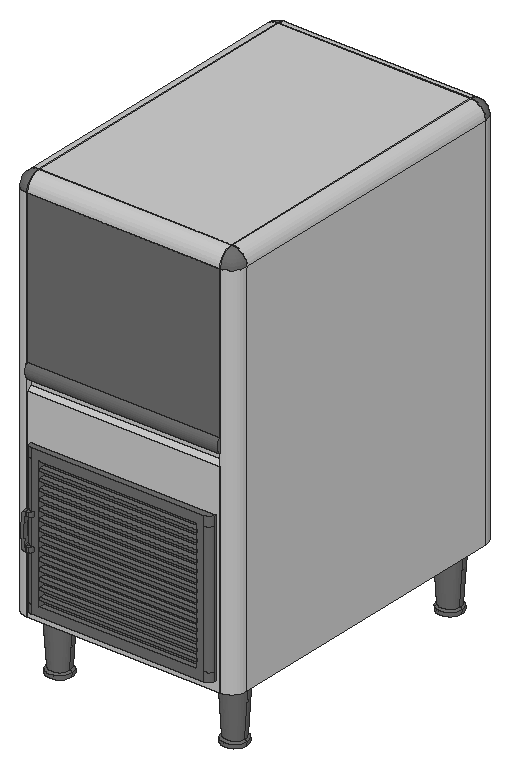
Revit family "QF_BLIZZARD_BIM25_250923021019", category Specialty Equipment, Revit 2021
Family settings
  Round Connector Dimension = Use Diameter
  Part Type = Normal
  OmniClass Number = 23.40.40.14
  OmniClass Title = Food Service Equipment
  Work Plane-Based = No
  Always vertical = Yes
  Cut with Voids When Loaded = No
  Shared = No
  Room Calculation Point = No
Parameters (values of type "BIM25")
  Weight [instance] = 43.00 kg
  Warranty Start Date [instance] = ""
  Warranty Duration [instance] = ""
  Volts [instance] = 230 V
  Volt Free Conn [instance] = no
  URL Recommended Spares List [instance] = ""
  URL Manufacturer [instance] = ""
  URL Cutsheet [instance] = ""
  URL Critical Spares List [instance] = ""
  URL = "www.blizzardequipment.com"
  Technical Documentation [instance] = ""
  Tag Number [instance] = ""
  Status [instance] = ""
  Start Up Current [instance] = 0 A
  Specification by User [instance] = ""
  Specification by Manufacturer [instance] = ""
  Sound Level [instance] = ""
  Show Logo [instance] = yes
  Show Clearances [instance] = yes
  Service Life Duration [instance] = ""
  Serial Number [instance] = ""
  Seismic Rating [instance] = ""
  SMACNA No [instance] = ""
  Revision Code [instance] = ""
  Revision [instance] = ""
  Production Year [instance] = ""
  Potential Equalisation [instance] = no
  Point Load [instance] = 0
  Phase [instance] = 1
  Other Equipment Approvals [instance] = ""
  Operational Current [instance] = 0 A
  Number of Poles [instance] = 2
  No Load Power Draw [instance] = no
  NAFEM Spec ID Number [instance] = ""
  Model Warning [instance] = ""
  Model = "BIM25"
  Min Ckt Ampacity [instance] = 0 A
  Max Overcurrent Protection [instance] = 13 A
  Masterspec [instance] = ""
  Manufacturer = "BLIZZARD"
  Main switch integrated [instance] = no
  Length Actual [instance] = 375 mm
  Item Number [instance] = ""
  Installed By [instance] = ""
  Installation Date [instance] = ""
  Identify Quantity as Lot [instance] = no
  ID [instance] = ""
  Hygiene Approval [instance] = ""
  Height Actual [instance] = 765 mm
  HP power [instance] = ""
  Furnished By [instance] = ""
  Foodservice Equipment Identifier [instance] = no
  FL Amps [instance] = 1.34 A
  Electrical Remarks [instance] = ""
  Electric power [instance] = 310 W
  Electric Connection Type [instance] = ""
  Elec Conn RI Height [instance] = 0 mm
  Elec Conn Connection Height [instance] = 0 mm
  ETL Approved [instance] = no
  Description = "25KG INTEGRAL ICE MAKER"
  Depth Actual [instance] = 553 mm
  Default Elevation = 0 mm
  Cycle [instance] = 50 Hz
  Cost = 716
  Connection to energy optimisation system [instance] = yes
  Conn Plug [instance] = ""
  Conn Conduit [instance] = no
  Centralized building control system with digital interface [instance] = ""
  CSI MasterFormat [instance] = ""
  CE Approved [instance] = no
  Barcode [instance] = 0
  Author [instance] = ""
  Asset Identifier [instance] = ""
  Apparent Power [instance] = 310 VA
  Accessory [instance] = no
Reference planes
  plane 1 "Center (Front/Back)": y = 0
  plane 2: z = 0
  plane 3 "Center (Left/Right)": x = 0
Forms (mm)
  Extrusion 1, solid, not visible
    sketch origin (200.01, -22.001, 200.01) x (1, 0, 0) y (0, 1, 0)
      loop
        line (-2, 2) -> (-2, -2) -> (2, -2) -> (2, 2) -> (-2, 2)
    from -2 to 2
Dimensions and locks
  locked: Extrusion 1 to nested 2
  locked: nested 2 to Extrusion 1 at 2
  aligned and locked: level to plane 2
Nested families
  nested 1: "QF_BLIZZARD_BIM25_2920" at (0, 0, 0), type "BIM25"
    with Weight 43.00 kg, Warranty Start Date "", Warranty Duration "", URL Cutsheet "", Technical Documentation "", Tag Number "", Status "", Specification by User "", Specification by Manufacturer "", Sound Level "", Solid Fuel Type "", Show Logo yes, Show Clearances yes, Service Life Duration "", Serial Number "", Seismic Rating "", SMACNA No "", Revision Code "", Revision "", Production Year "", Point Load 0, Other Equipment Approvals "", NAFEM Spec ID Number "", Model Warning "", Masterspec "", Length Actual 375 mm, Item Number "", Installed By "", Installation Date "", Identify Quantity as Lot yes, ID "", Hygiene Approval "", Height Actual 765 mm, Furnished By "", Foodservice Equipment Identifier yes, ETL Approved yes, Depth Actual 553 mm, CSI MasterFormat "", CE Approved yes, Barcode "", Asset Identifier "", Accessory no
  nested 2: "CONN_POINT_ELE_2D___Generic_Annotation" at (200.01, -20.001, 200.01), type "CONN_POINT_ELE_2D___Generic_Annotation"
    with Onboard connection annotation symbol visibility yes
Connectors
  electrical at (200.01, -20.001, 200.01), driven by "Apparent Power", driven by "Number of Poles", driven by "Volts"
    settings: on Extrusion 1, index 1, voltage 230 V, apparent load 0 VA, apparent load phase1 310 VA, apparent load phase2 0 VA, apparent load phase3 0 VA, power factor 1, load classification "Other", number of poles 2, system type 31, power factor state 1, is connector primary yes, connector utility no, sub classification motor no, connector description "Electrical connection for BIM25"
Definition of nested family "QF_BLIZZARD_BIM25_2920"
  Parameters (values of type "BIM25")
    Weight [instance] = 0.00 kg
    Warranty Start Date [instance] = ""
    Warranty Duration [instance] = ""
    URL Cutsheet [instance] = ""
    URL = "www.blizzardequipment.com"
    Technical Documentation [instance] = ""
    Tag Number [instance] = ""
    Status [instance] = ""
    Specification by User [instance] = ""
    Specification by Manufacturer [instance] = ""
    Sound Level [instance] = ""
    Solid Fuel Type [instance] = ""
    Show Logo [instance] = yes
    Show Clearances [instance] = yes
    Service Life Duration [instance] = ""
    Serial Number [instance] = ""
    Seismic Rating [instance] = ""
    SMACNA No [instance] = ""
    Revision Code [instance] = ""
    Revision [instance] = ""
    Production Year [instance] = ""
    Point Load [instance] = 0
    Other Equipment Approvals [instance] = ""
    NAFEM Spec ID Number [instance] = ""
    Model Warning [instance] = ""
    Model = "BIM25"
    Masterspec [instance] = ""
    Manufacturer = "BLIZZARD"
    Length Actual [instance] = 0 mm
    Item Number [instance] = ""
    Installed By [instance] = ""
    Installation Date [instance] = ""
    Identify Quantity as Lot [instance] = yes
    ID [instance] = ""
    Hygiene Approval [instance] = ""
    Height Actual [instance] = 0 mm
    Furnished By [instance] = ""
    Foodservice Equipment Identifier [instance] = yes
    ETL Approved [instance] = yes
    Description = "25KG INTEGRAL ICE MAKER"
    Depth Actual [instance] = 0 mm
    Default Elevation = 0 mm
    CSI MasterFormat [instance] = ""
    CE Approved [instance] = yes
    Barcode [instance] = ""
    Author = "SPECIFI"
    Asset Identifier [instance] = ""
    Assembly Code = "E1090320"
    Accessory [instance] = yes
  Reference planes
    plane 1 "Back": y = 0
    plane 2: z = 0
    plane 3 "Left": x = 0
    plane 4 "Right": x = 375
    plane 5 "Front": y = -553
    plane 6 "Top": z = 765
  Forms (mm)
    Extrusion 1, solid
      sketch origin (1.5, -908.243, 127.028) x (0, -1, 0) y (0, 0, 1)
        loop
          arc (-825.243, 106.972) -> (-823.243, 108.972) -> (-825.243, 110.972) r 2
          line (-825.243, 110.972) -> (-851.243, 110.972)
          arc (-851.243, 110.972) -> (-853.243, 108.972) -> (-851.243, 106.972) r 2
          line (-851.243, 106.972) -> (-825.243, 106.972)
        loop
          arc (-825.243, 98.972) -> (-823.243, 100.972) -> (-825.243, 102.972) r 2
          line (-825.243, 102.972) -> (-851.243, 102.972)
          arc (-851.243, 102.972) -> (-853.243, 100.972) -> (-851.243, 98.972) r 2
          line (-851.243, 98.972) -> (-825.243, 98.972)
        loop
          arc (-825.243, 90.972) -> (-823.243, 92.972) -> (-825.243, 94.972) r 2
          line (-825.243, 94.972) -> (-851.243, 94.972)
          arc (-851.243, 94.972) -> (-853.243, 92.972) -> (-851.243, 90.972) r 2
          line (-851.243, 90.972) -> (-825.243, 90.972)
        loop
          arc (-825.243, 82.972) -> (-823.243, 84.972) -> (-825.243, 86.972) r 2
          line (-825.243, 86.972) -> (-851.243, 86.972)
          arc (-851.243, 86.972) -> (-853.243, 84.972) -> (-851.243, 82.972) r 2
          line (-851.243, 82.972) -> (-825.243, 82.972)
        loop
          arc (-825.243, 74.972) -> (-823.243, 76.972) -> (-825.243, 78.972) r 2
          line (-825.243, 78.972) -> (-851.243, 78.972)
          arc (-851.243, 78.972) -> (-853.243, 76.972) -> (-851.243, 74.972) r 2
          line (-851.243, 74.972) -> (-825.243, 74.972)
        loop
          arc (-825.243, 66.972) -> (-823.243, 68.972) -> (-825.243, 70.972) r 2
          line (-825.243, 70.972) -> (-851.243, 70.972)
          arc (-851.243, 70.972) -> (-853.243, 68.972) -> (-851.243, 66.972) r 2
          line (-851.243, 66.972) -> (-825.243, 66.972)
        loop
          arc (-825.243, 58.972) -> (-823.243, 60.972) -> (-825.243, 62.972) r 2
          line (-825.243, 62.972) -> (-851.243, 62.972)
          arc (-851.243, 62.972) -> (-853.243, 60.972) -> (-851.243, 58.972) r 2
          line (-851.243, 58.972) -> (-825.243, 58.972)
        loop
          arc (-825.243, 50.972) -> (-823.243, 52.972) -> (-825.243, 54.972) r 2
          line (-825.243, 54.972) -> (-851.243, 54.972)
          arc (-851.243, 54.972) -> (-853.243, 52.972) -> (-851.243, 50.972) r 2
          line (-851.243, 50.972) -> (-825.243, 50.972)
        loop
          arc (-825.243, 42.972) -> (-823.243, 44.972) -> (-825.243, 46.972) r 2
          line (-825.243, 46.972) -> (-851.243, 46.972)
          arc (-851.243, 46.972) -> (-853.243, 44.972) -> (-851.243, 42.972) r 2
          line (-851.243, 42.972) -> (-825.243, 42.972)
        loop
          arc (-825.243, 34.972) -> (-823.243, 36.972) -> (-825.243, 38.972) r 2
          line (-825.243, 38.972) -> (-851.243, 38.972)
          arc (-851.243, 38.972) -> (-853.243, 36.972) -> (-851.243, 34.972) r 2
          line (-851.243, 34.972) -> (-825.243, 34.972)
        loop
          arc (-825.243, 26.972) -> (-823.243, 28.972) -> (-825.243, 30.972) r 2
          line (-825.243, 30.972) -> (-851.243, 30.972)
          arc (-851.243, 30.972) -> (-853.243, 28.972) -> (-851.243, 26.972) r 2
          line (-851.243, 26.972) -> (-825.243, 26.972)
        loop
          arc (-825.243, 18.972) -> (-823.243, 20.972) -> (-825.243, 22.972) r 2
          line (-825.243, 22.972) -> (-851.243, 22.972)
          arc (-851.243, 22.972) -> (-853.243, 20.972) -> (-851.243, 18.972) r 2
          line (-851.243, 18.972) -> (-825.243, 18.972)
        loop
          arc (-825.243, 10.972) -> (-823.243, 12.972) -> (-825.243, 14.972) r 2
          line (-825.243, 14.972) -> (-851.243, 14.972)
          arc (-851.243, 14.972) -> (-853.243, 12.972) -> (-851.243, 10.972) r 2
          line (-851.243, 10.972) -> (-825.243, 10.972)
        loop
          arc (-825.243, 2.972) -> (-823.243, 4.972) -> (-825.243, 6.972) r 2
          line (-825.243, 6.972) -> (-851.243, 6.972)
          arc (-851.243, 6.972) -> (-853.243, 4.972) -> (-851.243, 2.972) r 2
          line (-851.243, 2.972) -> (-825.243, 2.972)
        loop
          arc (-790.243, 106.972) -> (-788.243, 108.972) -> (-790.243, 110.972) r 2
          line (-790.243, 110.972) -> (-816.243, 110.972)
          arc (-816.243, 110.972) -> (-818.243, 108.972) -> (-816.243, 106.972) r 2
          line (-816.243, 106.972) -> (-790.243, 106.972)
        loop
          arc (-790.243, 98.972) -> (-788.243, 100.972) -> (-790.243, 102.972) r 2
          line (-790.243, 102.972) -> (-816.243, 102.972)
          arc (-816.243, 102.972) -> (-818.243, 100.972) -> (-816.243, 98.972) r 2
          line (-816.243, 98.972) -> (-790.243, 98.972)
        loop
          arc (-790.243, 90.972) -> (-788.243, 92.972) -> (-790.243, 94.972) r 2
          line (-790.243, 94.972) -> (-816.243, 94.972)
          arc (-816.243, 94.972) -> (-818.243, 92.972) -> (-816.243, 90.972) r 2
          line (-816.243, 90.972) -> (-790.243, 90.972)
        loop
          arc (-790.243, 82.972) -> (-788.243, 84.972) -> (-790.243, 86.972) r 2
          line (-790.243, 86.972) -> (-816.243, 86.972)
          arc (-816.243, 86.972) -> (-818.243, 84.972) -> (-816.243, 82.972) r 2
          line (-816.243, 82.972) -> (-790.243, 82.972)
        loop
          arc (-790.243, 74.972) -> (-788.243, 76.972) -> (-790.243, 78.972) r 2
          line (-790.243, 78.972) -> (-816.243, 78.972)
          arc (-816.243, 78.972) -> (-818.243, 76.972) -> (-816.243, 74.972) r 2
          line (-816.243, 74.972) -> (-790.243, 74.972)
        loop
          arc (-790.243, 66.972) -> (-788.243, 68.972) -> (-790.243, 70.972) r 2
          line (-790.243, 70.972) -> (-816.243, 70.972)
          arc (-816.243, 70.972) -> (-818.243, 68.972) -> (-816.243, 66.972) r 2
          line (-816.243, 66.972) -> (-790.243, 66.972)
        loop
          arc (-790.243, 58.972) -> (-788.243, 60.972) -> (-790.243, 62.972) r 2
          line (-790.243, 62.972) -> (-816.243, 62.972)
          arc (-816.243, 62.972) -> (-818.243, 60.972) -> (-816.243, 58.972) r 2
          line (-816.243, 58.972) -> (-790.243, 58.972)
        loop
          arc (-790.243, 50.972) -> (-788.243, 52.972) -> (-790.243, 54.972) r 2
          line (-790.243, 54.972) -> (-816.243, 54.972)
          arc (-816.243, 54.972) -> (-818.243, 52.972) -> (-816.243, 50.972) r 2
          line (-816.243, 50.972) -> (-790.243, 50.972)
        loop
          arc (-790.243, 42.972) -> (-788.243, 44.972) -> (-790.243, 46.972) r 2
          line (-790.243, 46.972) -> (-816.243, 46.972)
          arc (-816.243, 46.972) -> (-818.243, 44.972) -> (-816.243, 42.972) r 2
          line (-816.243, 42.972) -> (-790.243, 42.972)
        loop
          arc (-790.243, 34.972) -> (-788.243, 36.972) -> (-790.243, 38.972) r 2
          line (-790.243, 38.972) -> (-816.243, 38.972)
          arc (-816.243, 38.972) -> (-818.243, 36.972) -> (-816.243, 34.972) r 2
          line (-816.243, 34.972) -> (-790.243, 34.972)
        loop
          arc (-790.243, 26.972) -> (-788.243, 28.972) -> (-790.243, 30.972) r 2
          line (-790.243, 30.972) -> (-816.243, 30.972)
          arc (-816.243, 30.972) -> (-818.243, 28.972) -> (-816.243, 26.972) r 2
          line (-816.243, 26.972) -> (-790.243, 26.972)
        loop
          arc (-790.243, 18.972) -> (-788.243, 20.972) -> (-790.243, 22.972) r 2
          line (-790.243, 22.972) -> (-816.243, 22.972)
          arc (-816.243, 22.972) -> (-818.243, 20.972) -> (-816.243, 18.972) r 2
          line (-816.243, 18.972) -> (-790.243, 18.972)
        loop
          arc (-790.243, 10.972) -> (-788.243, 12.972) -> (-790.243, 14.972) r 2
          line (-790.243, 14.972) -> (-816.243, 14.972)
          arc (-816.243, 14.972) -> (-818.243, 12.972) -> (-816.243, 10.972) r 2
          line (-816.243, 10.972) -> (-790.243, 10.972)
        loop
          arc (-790.243, 2.972) -> (-788.243, 4.972) -> (-790.243, 6.972) r 2
          line (-790.243, 6.972) -> (-816.243, 6.972)
          arc (-816.243, 6.972) -> (-818.243, 4.972) -> (-816.243, 2.972) r 2
          line (-816.243, 2.972) -> (-790.243, 2.972)
        loop
          arc (-755.243, 106.972) -> (-753.243, 108.972) -> (-755.243, 110.972) r 2
          line (-755.243, 110.972) -> (-781.243, 110.972)
          arc (-781.243, 110.972) -> (-783.243, 108.972) -> (-781.243, 106.972) r 2
          line (-781.243, 106.972) -> (-755.243, 106.972)
        loop
          arc (-755.243, 98.972) -> (-753.243, 100.972) -> (-755.243, 102.972) r 2
          line (-755.243, 102.972) -> (-781.243, 102.972)
          arc (-781.243, 102.972) -> (-783.243, 100.972) -> (-781.243, 98.972) r 2
          line (-781.243, 98.972) -> (-755.243, 98.972)
        loop
          arc (-755.243, 90.972) -> (-753.243, 92.972) -> (-755.243, 94.972) r 2
          line (-755.243, 94.972) -> (-781.243, 94.972)
          arc (-781.243, 94.972) -> (-783.243, 92.972) -> (-781.243, 90.972) r 2
          line (-781.243, 90.972) -> (-755.243, 90.972)
        loop
          arc (-755.243, 82.972) -> (-753.243, 84.972) -> (-755.243, 86.972) r 2
          line (-755.243, 86.972) -> (-781.243, 86.972)
          arc (-781.243, 86.972) -> (-783.243, 84.972) -> (-781.243, 82.972) r 2
          line (-781.243, 82.972) -> (-755.243, 82.972)
        loop
          arc (-755.243, 74.972) -> (-753.243, 76.972) -> (-755.243, 78.972) r 2
          line (-755.243, 78.972) -> (-781.243, 78.972)
          arc (-781.243, 78.972) -> (-783.243, 76.972) -> (-781.243, 74.972) r 2
          line (-781.243, 74.972) -> (-755.243, 74.972)
        loop
          arc (-755.243, 66.972) -> (-753.243, 68.972) -> (-755.243, 70.972) r 2
          line (-755.243, 70.972) -> (-781.243, 70.972)
          arc (-781.243, 70.972) -> (-783.243, 68.972) -> (-781.243, 66.972) r 2
          line (-781.243, 66.972) -> (-755.243, 66.972)
        loop
          arc (-755.243, 58.972) -> (-753.243, 60.972) -> (-755.243, 62.972) r 2
          line (-755.243, 62.972) -> (-781.243, 62.972)
          arc (-781.243, 62.972) -> (-783.243, 60.972) -> (-781.243, 58.972) r 2
          line (-781.243, 58.972) -> (-755.243, 58.972)
        loop
          arc (-755.243, 50.972) -> (-753.243, 52.972) -> (-755.243, 54.972) r 2
          line (-755.243, 54.972) -> (-781.243, 54.972)
          arc (-781.243, 54.972) -> (-783.243, 52.972) -> (-781.243, 50.972) r 2
          line (-781.243, 50.972) -> (-755.243, 50.972)
        loop
          arc (-755.243, 42.972) -> (-753.243, 44.972) -> (-755.243, 46.972) r 2
          line (-755.243, 46.972) -> (-781.243, 46.972)
          arc (-781.243, 46.972) -> (-783.243, 44.972) -> (-781.243, 42.972) r 2
          line (-781.243, 42.972) -> (-755.243, 42.972)
        loop
          arc (-755.243, 34.972) -> (-753.243, 36.972) -> (-755.243, 38.972) r 2
          line (-755.243, 38.972) -> (-781.243, 38.972)
          arc (-781.243, 38.972) -> (-783.243, 36.972) -> (-781.243, 34.972) r 2
          line (-781.243, 34.972) -> (-755.243, 34.972)
        loop
          arc (-755.243, 26.972) -> (-753.243, 28.972) -> (-755.243, 30.972) r 2
          line (-755.243, 30.972) -> (-781.243, 30.972)
          arc (-781.243, 30.972) -> (-783.243, 28.972) -> (-781.243, 26.972) r 2
          line (-781.243, 26.972) -> (-755.243, 26.972)
        loop
          arc (-755.243, 18.972) -> (-753.243, 20.972) -> (-755.243, 22.972) r 2
          line (-755.243, 22.972) -> (-781.243, 22.972)
          arc (-781.243, 22.972) -> (-783.243, 20.972) -> (-781.243, 18.972) r 2
          line (-781.243, 18.972) -> (-755.243, 18.972)
        loop
          arc (-755.243, 10.972) -> (-753.243, 12.972) -> (-755.243, 14.972) r 2
          line (-755.243, 14.972) -> (-781.243, 14.972)
          arc (-781.243, 14.972) -> (-783.243, 12.972) -> (-781.243, 10.972) r 2
          line (-781.243, 10.972) -> (-755.243, 10.972)
        loop
          arc (-755.243, 2.972) -> (-753.243, 4.972) -> (-755.243, 6.972) r 2
          line (-755.243, 6.972) -> (-781.243, 6.972)
          arc (-781.243, 6.972) -> (-783.243, 4.972) -> (-781.243, 2.972) r 2
          line (-781.243, 2.972) -> (-755.243, 2.972)
      from 0 to 2
    Extrusion 2, solid
      sketch origin (1113.356, -107.32, -33.408) x (0.981627, 0.190809, 0) y (0, 0, 1)
        loop
          arc (-1151.197, 298.873) -> (-1152.843, 274.1) -> (-1151.197, 249.327) r 187.231
          arc (-1151.197, 249.327) -> (-1149.194, 245.591) -> (-1145.226, 244.1) r 6.024
          line (-1145.226, 244.1) -> (-1145.226, 250.998)
          arc (-1145.226, 250.998) -> (-1146.248, 251.278) -> (-1146.611, 252.274) r 1.156
          arc (-1146.611, 252.274) -> (-1148.006, 274.246) -> (-1146.611, 296.218) r 173.751
          arc (-1146.611, 296.218) -> (-1146.134, 297.014) -> (-1145.226, 297.202) r 1.156
          line (-1145.226, 297.202) -> (-1145.226, 304.1)
          arc (-1145.226, 304.1) -> (-1149.194, 302.609) -> (-1151.197, 298.873) r 6.024
      from 240.648 to 249.648
    Extrusion 3, solid
      sketch origin (17, -99.9, 357.111) x (1, 0, 0) y (0, 1, 0)
        loop
          line (15.5, -453.1) -> (15.5, -455.034)
          arc (15.5, -455.034) -> (18.326, -462.002) -> (25.208, -465.032) r 10.002
          line (25.208, -465.032) -> (315.792, -465.032)
          arc (315.792, -465.032) -> (322.674, -462.002) -> (325.5, -455.034) r 10.002
          line (325.5, -455.034) -> (325.5, -453.1) -> (15.5, -453.1)
      from -6.419 to 8.581
    Extrusion 4, solid
      sketch origin (-155.5, -50.237, -33.408) x (1, 0, 0) y (0, 1, 0)
        loop
          line (190.589, -511.828) -> (192.306, -520.663) -> (196.664, -519.816)
          arc (196.664, -519.816) -> (200.688, -515.7) -> (199.045, -510.184) r 5.675
          line (199.045, -510.184) -> (190.589, -511.828)
      from 297.227 to 304.1
    Extrusion 5, solid
      sketch origin (-155.5, -50.237, -86.536) x (1, 0, 0) y (0, 1, 0)
        loop
          line (190.589, -511.828) -> (192.306, -520.663) -> (196.664, -519.816)
          arc (196.664, -519.816) -> (200.688, -515.7) -> (199.045, -510.184) r 5.675
          line (199.045, -510.184) -> (190.589, -511.828)
      from 297.227 to 304.1
    Extrusion 6, solid
      sketch origin (0, 0, 100) x (1, 0, 0) y (0, 1, 0)
        loop
          arc (25, 0) -> (7.322, -7.322) -> (0, -25) r 25
          line (0, -25) -> (25, -25) -> (25, 0)
      from 0 to 640
    Revolve 7, solid
      sketch origin (-588.633, -50, 0) x (1, 0, 0) y (0, 0, 1)
        loop
          line (605.633, 100) -> (611.633, 9) -> (608.098, 5.464) -> (608.098, 0) -> (628.633, 0) -> (628.633, 100) -> (605.633, 100)
        axis (628.633, 0) -> (628.633, 100)
      angle from 0 to 360
    Revolve 8, solid
      sketch origin (-293.633, -50, 0) x (1, 0, 0) y (0, 0, 1)
        loop
          line (605.633, 100) -> (611.633, 9) -> (608.098, 5.464) -> (608.098, 0) -> (628.633, 0) -> (628.633, 100) -> (605.633, 100)
        axis (628.633, 0) -> (628.633, 100)
      angle from 0 to 360
    Revolve 9, solid
      sketch origin (-588.633, -503, 0) x (1, 0, 0) y (0, 0, 1)
        loop
          line (605.633, 100) -> (611.633, 9) -> (608.098, 5.464) -> (608.098, 0) -> (628.633, 0) -> (628.633, 100) -> (605.633, 100)
        axis (628.633, 0) -> (628.633, 100)
      angle from 0 to 360
    Revolve 10, solid
      sketch origin (-293.633, -503, 0) x (1, 0, 0) y (0, 0, 1)
        loop
          line (605.633, 100) -> (611.633, 9) -> (608.098, 5.464) -> (608.098, 0) -> (628.633, 0) -> (628.633, 100) -> (605.633, 100)
        axis (628.633, 0) -> (628.633, 100)
      angle from 0 to 360
    Extrusion 11, solid
      sketch origin (375, 0, 100) x (-1, 0, 0) y (0, -1, 0)
        loop
          line (25, 0) -> (25, 25) -> (0, 25)
          arc (0, 25) -> (7.322, 7.322) -> (25, 0) r 25
      from 0 to 640
    Extrusion 12, solid
      sketch origin (0, -553, 100) x (1, 0, 0) y (0, 1, 0)
        loop
          line (25, 0) -> (25, 25) -> (0, 25)
          arc (0, 25) -> (7.322, 7.322) -> (25, 0) r 25
      from 0 to 640
    Extrusion 13, solid
      sketch origin (375, -553, 100) x (-1, 0, 0) y (0, -1, 0)
        loop
          arc (25, 0) -> (7.322, -7.322) -> (0, -25) r 25
          line (0, -25) -> (25, -25) -> (25, 0)
      from 0 to 640
    Extrusion 14, solid
      sketch origin (0, 0, 0) x (1, 0, 0) y (0, 1, 0)
        loop
          line (0, -25) -> (0, -528) -> (25, -528) -> (25, -553) -> (350, -553) -> (350, -528) -> (375, -528) -> (375, -25) -> (350, -25) -> (350, 0) -> (25, 0) -> (25, -25) -> (0, -25)
      from 100 to 740
    Extrusion 15, solid
      sketch origin (-290, -553, 765) x (0, 0, -1) y (0, 1, 0)
        loop
          line (25, 0) -> (25, 25) -> (0, 25)
          arc (0, 25) -> (7.322, 7.322) -> (25, 0) r 25
      from 315 to 640
    Extrusion 16, solid
      sketch origin (-290, 0, 765) x (0, 0, -1) y (0, 1, 0)
        loop
          arc (25, 0) -> (7.322, -7.322) -> (0, -25) r 25
          line (0, -25) -> (25, -25) -> (25, 0)
      from 315 to 640
    Extrusion 17, solid
      sketch origin (0, 290, 765) x (0, 0, -1) y (1, 0, 0)
        loop
          line (25, 0) -> (25, 25) -> (0, 25)
          arc (0, 25) -> (7.322, 7.322) -> (25, 0) r 25
      from 315 to 818
    Extrusion 18, solid
      sketch origin (375, 290, 765) x (0, 0, -1) y (1, 0, 0)
        loop
          arc (25, 0) -> (7.322, -7.322) -> (0, -25) r 25
          line (0, -25) -> (25, -25) -> (25, 0)
      from 315 to 818
    Extrusion 19, solid
      sketch origin (0, 0, 740) x (1, 0, 0) y (0, 1, 0)
        loop
          line (25, -25) -> (25, -528) -> (350, -528) -> (350, -25) -> (25, -25)
      from 0 to 25
    Revolve 20, solid
      sketch origin (0, -25, 0) x (1, 0, 0) y (0, 0, 1)
        loop
          line (25, 740) -> (25, 765)
          arc (25, 765) -> (7.322, 757.678) -> (0, 740) r 25
          line (0, 740) -> (25, 740)
        axis (25, 740) -> (25, 765)
      angle from 0 to 360
    Extrusion 21, void
      sketch origin (0, 0, 740) x (1, 0, 0) y (0, 1, 0)
        loop
          line (25, 5) -> (25, -25) -> (-5, -25) -> (-5, -55) -> (55, -55) -> (55, 5) -> (25, 5)
      from 0 to 30
    Extrusion 22, void
      sketch origin (375, 0, 740) x (-1, 0, 0) y (0, -1, 0)
        loop
          line (25, -5) -> (55, -5) -> (55, 55) -> (-5, 55) -> (-5, 25) -> (25, 25) -> (25, -5)
      from 0 to 30
    Extrusion 23, void
      sketch origin (0, -553, 740) x (1, 0, 0) y (0, 1, 0)
        loop
          line (25, -5) -> (55, -5) -> (55, 55) -> (-5, 55) -> (-5, 25) -> (25, 25) -> (25, -5)
      from 0 to 30
    Extrusion 24, void
      sketch origin (375, -553, 740) x (-1, 0, 0) y (0, -1, 0)
        loop
          line (25, 5) -> (25, -25) -> (-5, -25) -> (-5, -55) -> (55, -55) -> (55, 5) -> (25, 5)
      from 0 to 30
    Revolve 25, solid
      sketch origin (375, -25, 0) x (-1, 0, 0) y (0, 0, -1)
        loop
          line (25, -740) -> (0, -740)
          arc (0, -740) -> (7.322, -757.678) -> (25, -765) r 25
          line (25, -765) -> (25, -740)
        axis (25, -740) -> (25, -765)
      angle from 0 to 360
    Revolve 26, solid
      sketch origin (0, -528, 0) x (1, 0, 0) y (0, 0, -1)
        loop
          line (25, -740) -> (0, -740)
          arc (0, -740) -> (7.322, -757.678) -> (25, -765) r 25
          line (25, -765) -> (25, -740)
        axis (25, -740) -> (25, -765)
      angle from 0 to 360
    Revolve 27, solid
      sketch origin (375, -528, 0) x (-1, 0, 0) y (0, 0, 1)
        loop
          line (25, 740) -> (25, 765)
          arc (25, 765) -> (7.322, 757.678) -> (0, 740) r 25
          line (0, 740) -> (25, 740)
        axis (25, 740) -> (25, 765)
      angle from 0 to 360
    Extrusion 28, solid
      sketch origin (17, -99.9, 122.111) x (1, 0, 0) y (0, 1, 0)
        loop
          line (15.5, -453.1) -> (15.5, -455.034)
          arc (15.5, -455.034) -> (18.326, -462.002) -> (25.208, -465.032) r 10.002
          line (25.208, -465.032) -> (315.792, -465.032)
          arc (315.792, -465.032) -> (322.674, -462.002) -> (325.5, -455.034) r 10.002
          line (325.5, -455.034) -> (325.5, -453.1) -> (15.5, -453.1)
      from -6.419 to 8.581
    Extrusion 29, solid
      sketch origin (17, -99.9, 137.111) x (1, 0, 0) y (0, 1, 0)
        loop
          line (15.5, -453.1) -> (15.5, -455.034)
          arc (15.5, -455.034) -> (18.326, -462.002) -> (25.208, -465.032) r 10.002
          line (25.208, -465.032) -> (37.5, -465.032) -> (37.5, -453.1) -> (15.5, -453.1)
        loop
          line (325.5, -453.1) -> (303.5, -453.1) -> (303.5, -465.032) -> (315.792, -465.032)
          arc (315.792, -465.032) -> (322.674, -462.002) -> (325.5, -455.034) r 10.002
          line (325.5, -455.034) -> (325.5, -453.1)
      from -6.419 to 213.581
    Extrusion 30, solid
      sketch origin (17, -99.9, 342.111) x (1, 0, 0) y (0, 1, 0)
        loop
          line (37.5, -453.1) -> (37.5, -465.032) -> (303.5, -465.032) -> (303.5, -453.1) -> (37.5, -453.1)
      from -6.419 to -1.419
    Extrusion 31, solid
      sketch origin (17, -99.9, 327.111) x (1, 0, 0) y (0, 1, 0)
        loop
          line (37.5, -453.1) -> (37.5, -465.032) -> (303.5, -465.032) -> (303.5, -453.1) -> (37.5, -453.1)
      from -6.419 to -1.419
    Extrusion 32, solid
      sketch origin (17, -99.9, 312.111) x (1, 0, 0) y (0, 1, 0)
        loop
          line (37.5, -453.1) -> (37.5, -465.032) -> (303.5, -465.032) -> (303.5, -453.1) -> (37.5, -453.1)
      from -6.419 to -1.419
    Extrusion 33, solid
      sketch origin (17, -99.9, 297.111) x (1, 0, 0) y (0, 1, 0)
        loop
          line (37.5, -453.1) -> (37.5, -465.032) -> (303.5, -465.032) -> (303.5, -453.1) -> (37.5, -453.1)
      from -6.419 to -1.419
    Extrusion 34, solid
      sketch origin (17, -99.9, 282.111) x (1, 0, 0) y (0, 1, 0)
        loop
          line (37.5, -453.1) -> (37.5, -465.032) -> (303.5, -465.032) -> (303.5, -453.1) -> (37.5, -453.1)
      from -6.419 to -1.419
    Extrusion 35, solid
      sketch origin (17, -99.9, 267.111) x (1, 0, 0) y (0, 1, 0)
        loop
          line (37.5, -453.1) -> (37.5, -465.032) -> (303.5, -465.032) -> (303.5, -453.1) -> (37.5, -453.1)
      from -6.419 to -1.419
    Extrusion 36, solid
      sketch origin (17, -99.9, 252.111) x (1, 0, 0) y (0, 1, 0)
        loop
          line (37.5, -453.1) -> (37.5, -465.032) -> (303.5, -465.032) -> (303.5, -453.1) -> (37.5, -453.1)
      from -6.419 to -1.419
    Extrusion 37, solid
      sketch origin (17, -99.9, 237.111) x (1, 0, 0) y (0, 1, 0)
        loop
          line (37.5, -453.1) -> (37.5, -465.032) -> (303.5, -465.032) -> (303.5, -453.1) -> (37.5, -453.1)
      from -6.419 to -1.419
    Extrusion 38, solid
      sketch origin (17, -99.9, 222.111) x (1, 0, 0) y (0, 1, 0)
        loop
          line (37.5, -453.1) -> (37.5, -465.032) -> (303.5, -465.032) -> (303.5, -453.1) -> (37.5, -453.1)
      from -6.419 to -1.419
    Extrusion 39, solid
      sketch origin (17, -99.9, 207.111) x (1, 0, 0) y (0, 1, 0)
        loop
          line (37.5, -453.1) -> (37.5, -465.032) -> (303.5, -465.032) -> (303.5, -453.1) -> (37.5, -453.1)
      from -6.419 to -1.419
    Extrusion 40, solid
      sketch origin (17, -99.9, 192.111) x (1, 0, 0) y (0, 1, 0)
        loop
          line (37.5, -453.1) -> (37.5, -465.032) -> (303.5, -465.032) -> (303.5, -453.1) -> (37.5, -453.1)
      from -6.419 to -1.419
    Extrusion 41, solid
      sketch origin (17, -99.9, 177.111) x (1, 0, 0) y (0, 1, 0)
        loop
          line (37.5, -453.1) -> (37.5, -465.032) -> (303.5, -465.032) -> (303.5, -453.1) -> (37.5, -453.1)
      from -6.419 to -1.419
    Extrusion 42, solid
      sketch origin (17, -99.9, 162.111) x (1, 0, 0) y (0, 1, 0)
        loop
          line (37.5, -453.1) -> (37.5, -465.032) -> (303.5, -465.032) -> (303.5, -453.1) -> (37.5, -453.1)
      from -6.419 to -1.419
    Extrusion 43, solid
      sketch origin (17, -99.9, 147.111) x (1, 0, 0) y (0, 1, 0)
        loop
          line (37.5, -453.1) -> (37.5, -465.032) -> (303.5, -465.032) -> (303.5, -453.1) -> (37.5, -453.1)
      from -6.419 to -1.419
    Extrusion 44, solid
      sketch origin (0, -553, 0) x (1, 0, 0) y (0, 0, 1)
        loop
          line (54.5, 350.692) -> (54.5, 130.692) -> (320.5, 130.692) -> (320.5, 350.692) -> (54.5, 350.692)
      from 0 to 2
    Extrusion 45, void
      sketch origin (0, 0, 0) x (0, 1, 0) y (0, 0, 1)
        loop
          line (-560.929, 432.763) -> (-545.929, 447.763) -> (-545.929, 740) -> (-560.929, 740) -> (-560.929, 432.763)
      from 25 to 350
    Extrusion 46, solid
      sketch origin (-154.655, -887.846, -330.157) x (0, 0.999959, 0.009053) y (0, -0.009053, 0.999959)
        loop
          line (349.057, 787.029) -> (351.592, 1067.018) -> (344.521, 1067.082) -> (342.212, 812.092)
          arc (342.212, 812.092) -> (337.166, 799.638) -> (341.986, 787.093) r 18.304
          line (341.986, 787.093) -> (349.057, 787.029)
      from 179.655 to 504.655
    Extrusion 47, solid, visible <- "Show Clearances", detail levels coarse
      sketch origin (-699.655, 2.614, -329) x (0, 1, 0) y (0, 0, 1)
        loop
          line (-555.614, 789) -> (-555.614, 1349)
          arc (-555.614, 1349) -> (-835.614, 1069) -> (-555.614, 789) r 280
      from 724.655 to 1049.655
  Cuts and joins
    Extrusion 21 cuts Revolve 20
    Extrusion 23 cuts Revolve 26
    Extrusion 24 cuts Revolve 27
    Extrusion 22 cuts Revolve 25
    joined: Extrusion 3, Extrusion 28, Extrusion 29
    Extrusion 45 cuts Extrusion 14
  Lines and regions (mm)
    symbolic lines
      curve 1: line (25, 0, 0) -> (350, 0, 0)
      curve 2: line (0, -528, 0) -> (0, -25, 0)
      curve 3: line (375, -25, 0) -> (375, -528, 0)
      curve 4: line (25, -553, 0) -> (350, -553, 0)
      curve 5: line (25, -553, 0) -> (25, -833, 0)
      curve 6: line (350, -833, 0) -> (25, -833, 0)
      curve 7: line (350, -833, 0) -> (350, -553, 0)
      curve 8: arc (25, 0, 0) -> (7.322, -7.322, 0) -> (0, -25, 0) r 25
      curve 9: arc (375, -25, 0) -> (367.678, -7.322, 0) -> (350, 0, 0) r 25
      curve 10: arc (350, -553, 0) -> (367.678, -545.678, 0) -> (375, -528, 0) r 25
      curve 11: arc (0, -528, 0) -> (7.322, -545.678, 0) -> (25, -553, 0) r 25
  Dimensions and locks
    plane 3 "Left" to plane 4 "Right" = 375 mm
    plane 5 "Front" to plane 1 "Back" = 553 mm
    plane 6 "Top" to level = 765 mm  (x2)
    plane 1 "Back" to plane 5 "Front" = 553 mm
    plane 4 "Right" to plane 3 "Left" = 375 mm
    aligned and locked: level to plane 2
Definition of nested family "CONN_POINT_ELE_2D___Generic_Annotation"
  Parameters (values of type "CONN_POINT_ELE_2D___Generic_Annotation")
    Onboard connection annotation symbol visibility [instance] = yes
  Reference planes
    plane 1: y = 0
    plane 2: x = 0
  Lines and regions (mm)
    detail lines, visible <- "Onboard connection annotation symbol visibility"
      curve 1: circle (0, 0, 0) r 0.5 normal (0, 0, 1)
      curve 2: line (-1, 0, 0) -> (1, 0, 0)
      curve 3: line (0, 1, 0) -> (0, -1, 0)
      curve 4: line (2.5, 1, 0) -> (1.25, 1, 0)
      curve 5: line (1.25, 1, 0) -> (1.25, -1, 0)
      curve 6: line (1.25, -1, 0) -> (2.5, -1, 0)
      curve 7: line (1.25, 0, 0) -> (2, 0, 0)
